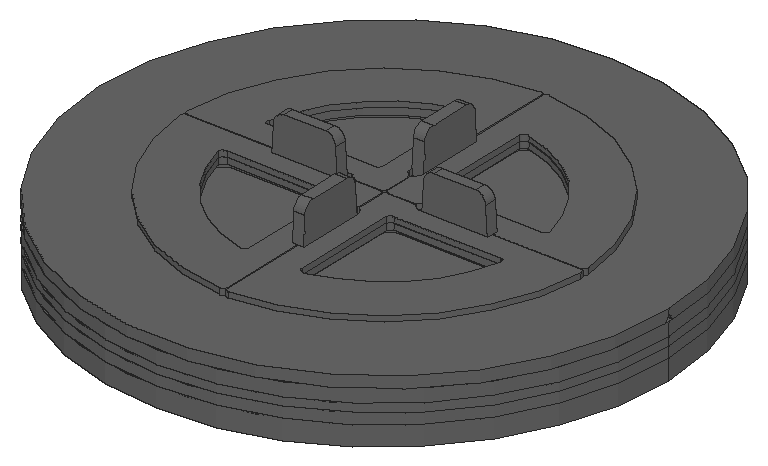
Revit family "Pedestal-System_Low-Supports-Pedestal_AWS", category Generic Models, Revit 2026
Family settings
  Can host rebar = No
  Round Connector Dimension = Use Diameter
  Part Type = Normal
  Work Plane-Based = No
  Always vertical = Yes
  Cut with Voids When Loaded = No
  Maintain Annotation Orientation = No
  Shared = No
  Room Calculation Point = No
Parameters
  URL = "https://paradigmwindows.com/"
  Product Page URL = "https://www.arcat.com/company/appian-way-sales-inc-48786"
  Materials = Black
  Manufacturer = "Appian Way"  # constant formula
  Keynote = "07 76 00"
  Default Elevation = 0' - 0"
  Copyright = "@ARCAT"  # constant formula
Reference planes (in)
  plane 1 "Center (Front/Back)": y = 0
  plane 2: z = 0
  plane 3 "Center (Left/Right)": x = 0
  plane 4: x = -2.444
  plane 5: x = 2.444
  plane 6: z = 0.23236
  plane 7: z = 0.36236
  plane 8: z = 0.61236
  plane 9: z = 0.74236
Dimensions and locks (in)
  aligned and locked: plane 2 to level
  aligned and locked: plane 3 "Center (Left/Right)" to nested 1
  aligned and locked: plane 1 "Center (Front/Back)" to nested 1
  aligned and locked: plane 3 "Center (Left/Right)" to nested 2
  aligned and locked: plane 1 "Center (Front/Back)" to nested 2
  aligned and locked: plane 6 to nested 2
  aligned and locked: plane 7 to nested 7
Nested families (in)
  nested 1: "SLOPE COMPENSATOR" at (0, 0, 0), type "SLOPE COMPENSATOR"
  nested 2: "Buffer Pad" at (0, 0, 0.23236), type "Buffer Pad"
  nested 3: "TOP SHIM" at (0, 0, 0.80486), type "1/16" TOP SHIM"
  nested 4: "TOP SHIM" at (0, 0, 0.80486) x (-1, 0, 0) z (0, 0, 1), type "1/16" TOP SHIM"
  nested 5: "TOP SHIM" at (0, 0, 0.80486), type "1/16" TOP SHIM"
  nested 6: "TOP SHIM" at (0, 0, 0.80486) x (-1, 0, 0) z (0, 0, 1), type "1/16" TOP SHIM"
  nested 7: "0.25inch BOTTOM SHIM" at (0, 0, 0.36236), type "0.25inch BOTTOM SHIM"
  nested 8: "TOP SPACER" at (0, 0, 0.61236), type "TOP SPACER"
Definition of nested family "SLOPE COMPENSATOR"
  Parameters (values of type "SLOPE COMPENSATOR")
    Head Materials = none
    Default Elevation = 0' - 0"
  Reference planes (in)
    plane 1 "Center (Front/Back)": y = 0
    plane 2: z = 0
    plane 3 "Center (Left/Right)": x = 0
    plane 4: x = -2.444
    plane 5: x = 2.444
  Forms (in)
    Extrusion 1, solid, material <- "Head Materials"
      sketch origin (0, 0, 0) x (1, 0, 0) y (0, 1, 0)
        loop
          circle (0, 0) r 3.3125
      from 0 to 0.23236
    Extrusion 2, solid, material <- "Head Materials"
      sketch origin (0, 0, 0) x (1, 0, 0) y (0, 1, 0)
        loop
          circle (0, 0) r 2.57083
        loop
          circle (0, 0) r 2.49917
      from 0.23236 to 0.28208
  Dimensions and locks (in)
    aligned and locked: plane 2 to level
Definition of nested family "Buffer Pad"
  Parameters (values of type "Buffer Pad")
    Head Materials = none
    Default Elevation = 0' - 0"
  Reference planes (in)
    plane 1 "Center (Front/Back)": y = 0
    plane 2: z = 0
    plane 3 "Center (Left/Right)": x = 0
    plane 4: x = -2.444
    plane 5: x = 2.444
  Forms (in)
    Extrusion 1, solid, material <- "Head Materials"
      sketch origin (0, 0, 0) x (1, 0, 0) y (0, 1, 0)
        loop
          circle (0, 0) r 3.3125
      from 0 to 0.13
    Extrusion 2, solid, material <- "Head Materials"
      sketch origin (0, 0, 0) x (1, 0, 0) y (0, 1, 0)
        loop
          circle (0, 0) r 2.57083
        loop
          circle (0, 0) r 2.49917
      from 0.125 to 0.175
  Dimensions and locks (in)
    aligned and locked: plane 2 to level
Definition of nested family "TOP SHIM"
  Parameters (values of type "1/16" TOP SHIM")
    Pipe Size = 0' - 4"
    Pipe Outer Size = Pipe Size + 0' 0 27/128"  # 0' - 4 27/128"
    Pipe Height = 0' - 0 1/16"
    Head Materials = none
    Default Elevation = 0' - 0"
  Reference planes (in)
    plane 1 "Center (Front/Back)": y = 0
    plane 2: z = 0
    plane 3 "Center (Left/Right)": x = 0
    plane 4: z = -0.0625
    plane 5: z = -0.13955
  Forms (in)
    Extrusion 1, solid, material <- "Head Materials"
      sketch origin (0, 0, 0) x (1, 0, 0) y (0, 1, 0)
        loop
          arc (-0.05323, 2.33427) -> (-1.62355, 1.62355) -> (-2.33427, 0.05323) r 2.444
          arc (-2.33427, 0.05323) -> (-2.32086, 0.01581) -> (-2.28438, 0) r 0.05
          line (-2.28438, 0) -> (-1.29546, 0)
          arc (-1.29546, 0) -> (-1.27633, 0.00381) -> (-1.26011, 0.01464) r 0.05
          line (-1.26011, 0.01464) -> (-1.22189, 0.05286)
          arc (-1.22189, 0.05286) -> (-1.20567, 0.06369) -> (-1.18654, 0.0675) r 0.05
          line (-1.18654, 0.0675) -> (-0.44421, 0.0675)
          arc (-0.44421, 0.0675) -> (-0.42508, 0.06369) -> (-0.40886, 0.05286) r 0.05
          line (-0.40886, 0.05286) -> (-0.37064, 0.01464)
          arc (-0.37064, 0.01464) -> (-0.35442, 0.00381) -> (-0.33529, 0) r 0.05
          line (-0.33529, 0) -> (-0.05, 0)
          arc (-0.05, 0) -> (-0.01464, 0.01464) -> (0, 0.05) r 0.05
          line (0, 0.05) -> (0, 0.33529)
          arc (0, 0.33529) -> (-0.00381, 0.35442) -> (-0.01464, 0.37064) r 0.05
          line (-0.01464, 0.37064) -> (-0.05286, 0.40886)
          arc (-0.05286, 0.40886) -> (-0.06369, 0.42508) -> (-0.0675, 0.44421) r 0.05
          line (-0.0675, 0.44421) -> (-0.0675, 1.18654)
          arc (-0.0675, 1.18654) -> (-0.06369, 1.20567) -> (-0.05286, 1.22189) r 0.05
          line (-0.05286, 1.22189) -> (-0.01464, 1.26011)
          arc (-0.01464, 1.26011) -> (-0.00381, 1.27633) -> (0, 1.29546) r 0.05
          line (0, 1.29546) -> (0, 2.28438)
          arc (0, 2.28438) -> (-0.01581, 2.32086) -> (-0.05323, 2.33427) r 0.05
        loop
          arc (-1.64701, 0.37061) -> (-1.63666, 0.32521) -> (-1.5947, 0.305) r 0.05366
          line (-1.5947, 0.305) -> (-0.35781, 0.305)
          arc (-0.35781, 0.305) -> (-0.32047, 0.32047) -> (-0.305, 0.35781) r 0.05281
          line (-0.305, 0.35781) -> (-0.305, 1.57959)
          arc (-0.305, 1.57959) -> (-0.32732, 1.626) -> (-0.3775, 1.63752) r 0.05939
          arc (-0.3775, 1.63752) -> (-1.19501, 1.1872) -> (-1.64701, 0.37061) r 1.6835
      from 0 to -0.0625
    Extrusion 2, solid, material <- "Head Materials"
      sketch origin (0, 0, 0) x (1, 0, 0) y (0, 1, 0)
        loop
          arc (-0.39827, 1.68919) -> (-1.22875, 1.23121) -> (-1.69529, 0.4055) r 1.7385
          arc (-1.69529, 0.4055) -> (-1.67296, 0.29936) -> (-1.57637, 0.25) r 0.12587
          line (-1.57637, 0.25) -> (-0.37398, 0.25)
          arc (-0.37398, 0.25) -> (-0.28631, 0.28631) -> (-0.25, 0.37398) r 0.12398
          line (-0.25, 0.37398) -> (-0.25, 1.57134)
          arc (-0.25, 1.57134) -> (-0.2957, 1.66604) -> (-0.39827, 1.68919) r 0.12097
        loop
          arc (-1.64701, 0.37061) -> (-1.63666, 0.32521) -> (-1.5947, 0.305) r 0.05366
          line (-1.5947, 0.305) -> (-0.35781, 0.305)
          arc (-0.35781, 0.305) -> (-0.32047, 0.32047) -> (-0.305, 0.35781) r 0.05281
          line (-0.305, 0.35781) -> (-0.305, 1.57959)
          arc (-0.305, 1.57959) -> (-0.32732, 1.626) -> (-0.3775, 1.63752) r 0.05939
          arc (-0.3775, 1.63752) -> (-1.19501, 1.1872) -> (-1.64701, 0.37061) r 1.6835
      from -0.0625 to -0.13955
  Dimensions and locks (in)
    "Pipe Height": plane 2 to plane 4
    locked: plane 4 to plane 5 at 0.07705
    aligned and locked: plane 2 to level
    aligned and locked: plane 4 to Extrusion 1
    aligned and locked: Extrusion 2 to plane 4
    aligned and locked: Extrusion 2 to plane 5
  Automatic sketch dimensions
    plane 1 "Center (Front/Back)" to Extrusion 1 sketch curve = 0' - 0"  (x2)
    Extrusion 1 sketch curve to plane 3 "Center (Left/Right)" = 0' - 0"  (x2)
    Extrusion 1 sketch curve to plane 3 "Center (Left/Right)" = 0' - 0.01464"  (x2)
    Extrusion 1 sketch curve to plane 3 "Center (Left/Right)" = 0' - 0.0175"  (x2)
    Extrusion 1 sketch curve to plane 3 "Center (Left/Right)" = 0' - 0.05"  (x2)
    Extrusion 1 sketch curve to Extrusion 1 sketch curve = 0' - 0.03536"  (x7)
    Extrusion 1 sketch curve to Extrusion 1 sketch curve = 0' - 0.05"  (x2)
    Extrusion 1 sketch curve to Extrusion 1 sketch curve = 0' - 0.01464"
    Extrusion 1 sketch curve to plane 1 "Center (Front/Back)" = 0' - 0.01464"  (x2)
    Extrusion 1 sketch curve to plane 1 "Center (Front/Back)" = 0' - 0.05286"  (x2)
    Extrusion 1 sketch curve to Extrusion 1 sketch curve = 0' - 0.03821"  (x4)
    Extrusion 1 sketch curve to plane 1 "Center (Front/Back)" = 0' - 0.0175"
    Extrusion 1 sketch curve to Extrusion 1 sketch curve = 0' - 0.74233"
    Extrusion 1 sketch curve to Extrusion 1 sketch curve = 0' - 0"  (x2)
    Extrusion 1 sketch curve to Extrusion 1 sketch curve = 0' - 0.28529"  (x2)
    Extrusion 1 sketch curve to Extrusion 1 sketch curve = 0' - 0.98892"  (x2)
    plane 3 "Center (Left/Right)" to Extrusion 1 sketch curve = 0' - 0.10462"
    plane 1 "Center (Front/Back)" to Extrusion 1 sketch curve = 0' - 0.10462"
    Extrusion 2 sketch curve to Extrusion 2 sketch curve = 0' - 0"  (x4)
    Extrusion 2 sketch curve to plane 1 "Center (Front/Back)" = 0' - 0.35866"
    Extrusion 2 sketch curve to plane 3 "Center (Left/Right)" = 0' - 1.5947"
    Extrusion 2 sketch curve to Extrusion 2 sketch curve = 0' - 0.01833"
    Extrusion 2 sketch curve to Extrusion 2 sketch curve = 0' - 0.02173"
    Extrusion 2 sketch curve to plane 1 "Center (Front/Back)" = 0' - 0 1/4"
    Extrusion 2 sketch curve to plane 3 "Center (Left/Right)" = 0' - 0.37398"
    Extrusion 2 sketch curve to plane 3 "Center (Left/Right)" = 0' - 0.37097"
    Extrusion 2 sketch curve to Extrusion 2 sketch curve = 0' - 0.00657"
    Extrusion 2 sketch curve to Extrusion 2 sketch curve = 0' - 0.01617"
    Extrusion 2 sketch curve to Extrusion 2 sketch curve = 0' - 0.05281"
    Extrusion 2 sketch curve to Extrusion 2 sketch curve = 0' - 0.055"
    Extrusion 2 sketch curve to plane 3 "Center (Left/Right)" = 0' - 0.00582"
    plane 1 "Center (Front/Back)" to Extrusion 2 sketch curve = 0' - 0.00444"
    Extrusion 2 sketch curve to Extrusion 2 sketch curve = 0' - 0.05366"
    Extrusion 2 sketch curve to Extrusion 2 sketch curve = 0' - 0.01717"
    Extrusion 2 sketch curve to Extrusion 2 sketch curve = 0' - 1.19737"
    Extrusion 2 sketch curve to Extrusion 2 sketch curve = 0' - 0.00825"
    Extrusion 1 sketch curve to plane 3 "Center (Left/Right)" = 0' - 0.36439"
    Extrusion 1 sketch curve to plane 3 "Center (Left/Right)" = 0' - 0.00582"
    plane 1 "Center (Front/Back)" to Extrusion 1 sketch curve = 0' - 0.00444"
    Extrusion 1 sketch curve to Extrusion 1 sketch curve = 0' - 0.28413"
    Extrusion 1 sketch curve to Extrusion 1 sketch curve = 0' - 0 45/128"
    Extrusion 1 sketch curve to Extrusion 1 sketch curve = 0' - 0.01311"
    Extrusion 1 sketch curve to Extrusion 1 sketch curve = 0' - 0.0864"
    Extrusion 1 sketch curve to Extrusion 1 sketch curve = 0' - 0.05231"
    Extrusion 1 sketch curve to Extrusion 1 sketch curve = 0' - 0.05366"
    Extrusion 1 sketch curve to Extrusion 1 sketch curve = 0' - 0.05281"
Definition of nested family "0.25inch BOTTOM SHIM"
  Parameters (values of type "0.25inch BOTTOM SHIM")
    Head Materials = none
    Default Elevation = 0' - 0"
  Reference planes (in)
    plane 1 "Center (Front/Back)": y = 0
    plane 2: z = 0
    plane 3 "Center (Left/Right)": x = 0
    plane 4: x = -2.444
    plane 5: x = 2.444
    plane 6: z = 0.25
  Forms (in)
    Extrusion 1, solid, material <- "Head Materials"
      sketch origin (0, 0, 0) x (1, 0, 0) y (0, 1, 0)
        loop
          circle (0, 0) r 3.3125
      from 0.0958 to 0.25
    Extrusion 2, solid, material <- "Head Materials"
      sketch origin (0, 0, 0) x (1, 0, 0) y (0, 1, 0)
        loop
          line (-2.53192, 1.99) -> (-2.60742, 1.89) -> (-1.99, 1.89) -> (-1.99, 1.85573) -> (-1.85573, 1.99) -> (-1.89, 1.99) -> (-1.89, 2.60742) -> (-1.99, 2.53192) -> (-1.99, 1.99) -> (-2.53192, 1.99)
        loop
          line (-1.48025, 2.86) -> (-1.02, 2.86) -> (-1.02, 2.52259) -> (-0.92, 2.56075) -> (-0.92, 2.86) -> (-0.05, 2.86) -> (-0.05, 2.72054) -> (0.05, 2.72054) -> (0.05, 2.86) -> (0.92, 2.86) -> (0.92, 2.56075) -> (1.02, 2.52259) -> (1.02, 2.86) -> (1.48025, 2.86) -> (1.26851, 2.96) -> (1.02, 2.96) -> (1.02, 3.05456) -> (0.92, 3.08615) -> (0.92, 2.96) -> (0.05, 2.96) -> (0.05, 3.21997) -> (-0.05, 3.21997) -> (-0.05, 2.96) -> (-0.92, 2.96) -> (-0.92, 3.08615) -> (-1.02, 3.05456) -> (-1.02, 2.96) -> (-1.26851, 2.96) -> (-1.48025, 2.86)
        loop
          line (-2.86, 1.02) -> (-2.86, 1.48025) -> (-2.96, 1.26851) -> (-2.96, 1.02) -> (-3.05456, 1.02) -> (-3.08615, 0.92) -> (-2.96, 0.92) -> (-2.96, 0.05) -> (-3.21997, 0.05) -> (-3.21997, -0.05) -> (-2.96, -0.05) -> (-2.96, -0.92) -> (-3.08615, -0.92) -> (-3.05456, -1.02) -> (-2.96, -1.02) -> (-2.96, -1.26851) -> (-2.86, -1.48025) -> (-2.86, -1.02) -> (-2.52259, -1.02) -> (-2.56075, -0.92) -> (-2.86, -0.92) -> (-2.86, -0.05) -> (-2.72054, -0.05) -> (-2.72054, 0.05) -> (-2.86, 0.05) -> (-2.86, 0.92) -> (-2.56075, 0.92) -> (-2.52259, 1.02) -> (-2.86, 1.02)
        loop
          line (-1.99, -1.89) -> (-2.60742, -1.89) -> (-2.53192, -1.99) -> (-1.99, -1.99) -> (-1.99, -2.53192) -> (-1.89, -2.60742) -> (-1.89, -1.99) -> (-1.85573, -1.99) -> (-1.99, -1.85573) -> (-1.99, -1.89)
        loop
          line (-1.02, -2.52259) -> (-1.02, -2.86) -> (-1.48025, -2.86) -> (-1.26851, -2.96) -> (-1.02, -2.96) -> (-1.02, -3.05456) -> (-0.92, -3.08615) -> (-0.92, -2.96) -> (-0.05, -2.96) -> (-0.05, -3.21997) -> (0.05, -3.21997) -> (0.05, -2.96) -> (0.92, -2.96) -> (0.92, -3.08615) -> (1.02, -3.05456) -> (1.02, -2.96) -> (1.26851, -2.96) -> (1.48025, -2.86) -> (1.02, -2.86) -> (1.02, -2.52259) -> (0.92, -2.56075) -> (0.92, -2.86) -> (0.05, -2.86) -> (0.05, -2.72054) -> (-0.05, -2.72054) -> (-0.05, -2.86) -> (-0.92, -2.86) -> (-0.92, -2.56075) -> (-1.02, -2.52259)
        loop
          line (1.89, -2.60742) -> (1.99, -2.53192) -> (1.99, -1.99) -> (2.53192, -1.99) -> (2.60742, -1.89) -> (1.99, -1.89) -> (1.99, -1.85573) -> (1.85573, -1.99) -> (1.89, -1.99) -> (1.89, -2.60742)
        loop
          line (2.86, -1.02) -> (2.86, -1.48025) -> (2.96, -1.26851) -> (2.96, -1.02) -> (3.05456, -1.02) -> (3.08615, -0.92) -> (2.96, -0.92) -> (2.96, -0.05) -> (3.21997, -0.05) -> (3.21997, 0.05) -> (2.96, 0.05) -> (2.96, 0.92) -> (3.08615, 0.92) -> (3.05456, 1.02) -> (2.96, 1.02) -> (2.96, 1.26851) -> (2.86, 1.48025) -> (2.86, 1.02) -> (2.52259, 1.02) -> (2.56075, 0.92) -> (2.86, 0.92) -> (2.86, 0.05) -> (2.72054, 0.05) -> (2.72054, -0.05) -> (2.86, -0.05) -> (2.86, -0.92) -> (2.56075, -0.92) -> (2.52259, -1.02) -> (2.86, -1.02)
        loop
          line (1.99, 1.99) -> (1.99, 2.53192) -> (1.89, 2.60742) -> (1.89, 1.99) -> (1.85573, 1.99) -> (1.99, 1.85573) -> (1.99, 1.89) -> (2.60742, 1.89) -> (2.53192, 1.99) -> (1.99, 1.99)
        loop
          line (-1.89, 1.39657) -> (-1.99, 1.24996) -> (-1.99, 1.02) -> (-2.1171, 1.02) -> (-2.16243, 0.92) -> (-1.99, 0.92) -> (-1.99, 0.05) -> (-2.34947, 0.05) -> (-2.34947, -0.05) -> (-1.99, -0.05) -> (-1.99, -0.92) -> (-2.16243, -0.92) -> (-2.1171, -1.02) -> (-1.99, -1.02) -> (-1.99, -1.24996) -> (-1.89, -1.39657) -> (-1.89, -1.02) -> (-1.02, -1.02) -> (-1.02, -1.89) -> (-1.39657, -1.89) -> (-1.24996, -1.99) -> (-1.02, -1.99) -> (-1.02, -2.1171) -> (-0.92, -2.16243) -> (-0.92, -1.99) -> (-0.05, -1.99) -> (-0.05, -2.34947) -> (0.05, -2.34947) -> (0.05, -1.99) -> (0.92, -1.99) -> (0.92, -2.16243) -> (1.02, -2.1171) -> (1.02, -1.99) -> (1.24996, -1.99) -> (1.39657, -1.89) -> (1.02, -1.89) -> (1.02, -1.02) -> (1.89, -1.02) -> (1.89, -1.39657) -> (1.99, -1.24996) -> (1.99, -1.02) -> (2.1171, -1.02) -> (2.16243, -0.92) -> (1.99, -0.92) -> (1.99, -0.05) -> (2.34947, -0.05) -> (2.34947, 0.05) -> (1.99, 0.05) -> (1.99, 0.92) -> (2.16433, 0.92) -> (2.1171, 1.02) -> (1.99, 1.02) -> (1.99, 1.24996) -> (1.89, 1.39657) -> (1.89, 1.02) -> (1.02, 1.02) -> (1.02, 1.89) -> (1.39657, 1.89) -> (1.24996, 1.99) -> (1.02, 1.99) -> (1.02, 2.1171) -> (0.92, 2.16243) -> (0.92, 1.99) -> (0.05, 1.99) -> (0.05, 2.34947) -> (-0.05, 2.34947) -> (-0.05, 1.99) -> (-0.92, 1.99) -> (-0.92, 2.16243) -> (-1.02, 2.1171) -> (-1.02, 1.99) -> (-1.24996, 1.99) -> (-1.39657, 1.89) -> (-1.02, 1.89) -> (-1.02, 1.02) -> (-1.89, 1.02) -> (-1.89, 1.39657)
        loop
          line (-1.02, 0.92) -> (-1.89, 0.92) -> (-1.89, 0.05) -> (-1.02, 0.05) -> (-1.02, 0.92)
        loop
          line (-0.92, 0.92) -> (-0.92, 0.05) -> (-0.05, 0.05) -> (-0.05, 0.92) -> (-0.92, 0.92)
        loop
          line (-0.92, 1.89) -> (-0.92, 1.02) -> (-0.05, 1.02) -> (-0.05, 1.89) -> (-0.92, 1.89)
        loop
          line (0.92, 1.89) -> (0.05, 1.89) -> (0.05, 1.02) -> (0.92, 1.02) -> (0.92, 1.89)
        loop
          line (1.89, 0.05) -> (1.89, 0.92) -> (1.02, 0.92) -> (1.02, 0.05) -> (1.89, 0.05)
        loop
          line (0.92, 0.05) -> (0.92, 0.92) -> (0.05, 0.92) -> (0.05, 0.05) -> (0.92, 0.05)
        loop
          line (-0.05, -0.05) -> (-0.92, -0.05) -> (-0.92, -0.92) -> (-0.05, -0.92) -> (-0.05, -0.05)
        loop
          line (0.92, -0.05) -> (0.05, -0.05) -> (0.05, -0.92) -> (0.92, -0.92) -> (0.92, -0.05)
        loop
          line (-1.02, -0.05) -> (-1.89, -0.05) -> (-1.89, -0.92) -> (-1.02, -0.92) -> (-1.02, -0.05)
        loop
          line (1.02, -0.05) -> (1.02, -0.92) -> (1.89, -0.92) -> (1.89, -0.05) -> (1.02, -0.05)
        loop
          line (0.92, -1.89) -> (0.92, -1.02) -> (0.05, -1.02) -> (0.05, -1.89) -> (0.92, -1.89)
        loop
          line (-0.05, -1.89) -> (-0.05, -1.02) -> (-0.92, -1.02) -> (-0.92, -1.89) -> (-0.05, -1.89)
      from 0 to 0.0958
    Extrusion 3, solid, material <- "Head Materials"
      sketch origin (0, 0, 0) x (1, 0, 0) y (0, 1, 0)
        loop
          circle (0, 0) r 3.3125
        loop
          circle (0, 0) r 3.21975
      from 0 to 0.0958
    Extrusion 4, solid, material <- "Head Materials"
      sketch origin (0, 0, 0) x (1, 0, 0) y (0, 1, 0)
        loop
          circle (0, 0) r 2.71934
        loop
          circle (0, 0) r 2.59056
        loop
          circle (0, 0) r 2.48007
        loop
          circle (0, 0) r 2.35
      from 0 to 0.0958
    Extrusion 5, solid, material <- "Head Materials"
      sketch origin (0, 0, 0) x (1, 0, 0) y (0, 1, 0)
        loop
          circle (0, 0) r 2.61809
        loop
          circle (0, 0) r 2.45291
      from 0.25 to 0.30479
  Dimensions and locks (in)
    locked: plane 6 to plane 2 at 0.25
    aligned and locked: plane 2 to level
    aligned and locked: Extrusion 3 to Extrusion 4
Definition of nested family "TOP SPACER"
  Parameters (values of type "TOP SPACER")
    Head Materials = none
    Default Elevation = 0' - 0"
  Reference planes (in)
    plane 1 "Center (Front/Back)": y = 0
    plane 2: z = 0
    plane 3 "Center (Left/Right)": x = 0
    plane 4: x = -2.444
    plane 5: x = 2.444
  Forms (in)
    Extrusion 1, solid, material <- "Head Materials"
      sketch origin (0, 0, 0) x (1, 0, 0) y (0, 1, 0)
        loop
          circle (0, 0) r 3.3125
        loop
          arc (1.69244, 0.40402) -> (1.23037, 1.23037) -> (0.40402, 1.69244) r 1.74
          arc (0.40402, 1.69244) -> (0.29755, 1.66897) -> (0.25, 1.57086) r 0.125
          line (0.25, 1.57086) -> (0.25, 0.375)
          arc (0.25, 0.375) -> (0.28661, 0.28661) -> (0.375, 0.25) r 0.125
          line (0.375, 0.25) -> (1.57086, 0.25)
          arc (1.57086, 0.25) -> (1.66897, 0.29755) -> (1.69244, 0.40402) r 0.125
        loop
          arc (-0.40402, 1.69244) -> (-1.23037, 1.23037) -> (-1.69244, 0.40402) r 1.74
          arc (-1.69244, 0.40402) -> (-1.66897, 0.29755) -> (-1.57086, 0.25) r 0.125
          line (-1.57086, 0.25) -> (-0.375, 0.25)
          arc (-0.375, 0.25) -> (-0.28661, 0.28661) -> (-0.25, 0.375) r 0.125
          line (-0.25, 0.375) -> (-0.25, 1.57086)
          arc (-0.25, 1.57086) -> (-0.29755, 1.66897) -> (-0.40402, 1.69244) r 0.125
        loop
          arc (-1.69244, -0.40402) -> (-1.23037, -1.23037) -> (-0.40402, -1.69244) r 1.74
          arc (-0.40402, -1.69244) -> (-0.29755, -1.66897) -> (-0.25, -1.57086) r 0.125
          line (-0.25, -1.57086) -> (-0.25, -0.375)
          arc (-0.25, -0.375) -> (-0.28661, -0.28661) -> (-0.375, -0.25) r 0.125
          line (-0.375, -0.25) -> (-1.57086, -0.25)
          arc (-1.57086, -0.25) -> (-1.66897, -0.29755) -> (-1.69244, -0.40402) r 0.125
        loop
          arc (0.40402, -1.69244) -> (1.23037, -1.23037) -> (1.69244, -0.40402) r 1.74
          arc (1.69244, -0.40402) -> (1.66897, -0.29755) -> (1.57086, -0.25) r 0.125
          line (1.57086, -0.25) -> (0.375, -0.25)
          arc (0.375, -0.25) -> (0.28661, -0.28661) -> (0.25, -0.375) r 0.125
          line (0.25, -0.375) -> (0.25, -1.57086)
          arc (0.25, -1.57086) -> (0.29755, -1.66897) -> (0.40402, -1.69244) r 0.125
      from 0 to 0.13
    Extrusion 2, solid, material <- "Head Materials"
      sketch origin (0, 0, 0) x (1, 0, 0) y (0, 0, 1)
        loop
          arc (-1.11268, 0.63) -> (-1.19872, 0.59567) -> (-1.2375, 0.51154) r 0.125
          line (-1.2375, 0.51154) -> (-1.2575, 0.13) -> (-0.4875, 0.13) -> (-0.5075, 0.51154)
          arc (-0.5075, 0.51154) -> (-0.54628, 0.59567) -> (-0.63232, 0.63) r 0.125
          line (-0.63232, 0.63) -> (-1.11268, 0.63)
        loop
          arc (0.63244, 0.63) -> (0.5464, 0.59567) -> (0.50761, 0.51154) r 0.125
          line (0.50761, 0.51154) -> (0.48762, 0.13) -> (1.25762, 0.13) -> (1.23762, 0.51154)
          arc (1.23762, 0.51154) -> (1.19884, 0.59567) -> (1.11279, 0.63) r 0.125
          line (1.11279, 0.63) -> (0.63244, 0.63)
      from -0.065 to 0.065
    Extrusion 3, solid, material <- "Head Materials"
      sketch origin (0.00006, 0.00006, 0) x (0, -1, 0) y (0, 0, 1)
        loop
          arc (-1.11268, 0.63) -> (-1.19872, 0.59567) -> (-1.2375, 0.51154) r 0.125
          line (-1.2375, 0.51154) -> (-1.2575, 0.13) -> (-0.4875, 0.13) -> (-0.5075, 0.51154)
          arc (-0.5075, 0.51154) -> (-0.54628, 0.59567) -> (-0.63232, 0.63) r 0.125
          line (-0.63232, 0.63) -> (-1.11268, 0.63)
        loop
          arc (0.63244, 0.63) -> (0.5464, 0.59567) -> (0.50761, 0.51154) r 0.125
          line (0.50761, 0.51154) -> (0.48762, 0.13) -> (1.25762, 0.13) -> (1.23762, 0.51154)
          arc (1.23762, 0.51154) -> (1.19884, 0.59567) -> (1.11279, 0.63) r 0.125
          line (1.11279, 0.63) -> (0.63244, 0.63)
      from -0.065 to 0.065
    Extrusion 4, void
      sketch origin (0, 0, 0) x (0, 1, 0) y (0, 0, 1)
        loop
          line (0, 0.08412) -> (-0.06027, -0.00195) -> (0.06027, -0.00195) -> (0, 0.08412)
      from -3.33639 to 3.35024
  Cuts and joins
    Extrusion 4 cuts Extrusion 1
  Dimensions and locks (in)
    aligned and locked: plane 2 to level
